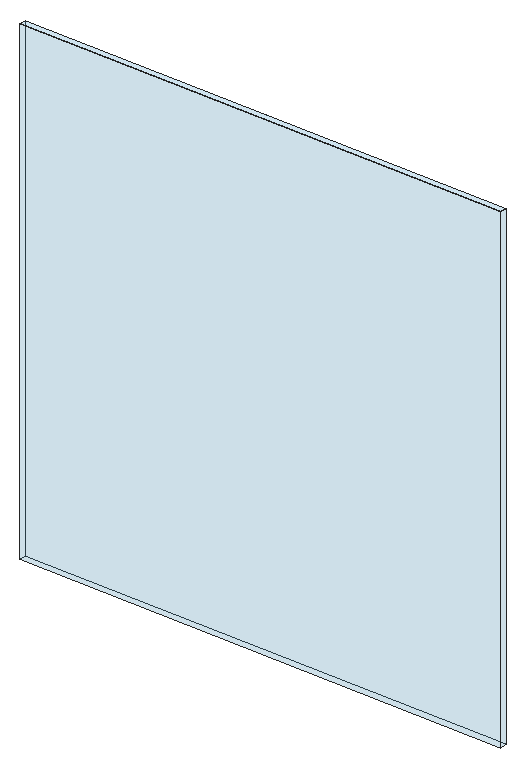
Revit family
Parameters (values of type "72" x 72"")
  Sealant = 0' - 0 3/8"
  Pocket Depth [instance] = 0' - 1"
  Head Height = Sill Height + Rough Height - Sealant  # 8' - 11 5/8"
  Depth [instance] = 0' - 10"
  Sill Height = 3' - 0"
  Rough Width = 6' - 0"
  Rough Height = 6' - 0"
  Model = "OPG3007"
  Material = ""
  Manufacturer = "Arcadia"
  Sightline = 0' - 3 3/8"
  Height = Rough Height - Sealant - Sealant  # 5' - 11 1/4"
  Wall Closure = (empty or 0)
  Width = Rough Width - Sealant - Sealant  # 5' - 11 1/4"
  Glass Thickness [instance] = 0' - 1"
  Offset to Inside Face of Glass [instance] = 0' - 8 5/16"
  Construction Type = "Aluminum"
  Center of Rough Opening [instance] = Rough Width / 2  # 3' - 0"
  Center of Glass [instance] = Glass Thickness / 2  # 0' - 0 1/2"
  Center Wall to Outside Face [instance] = 0' - 2 7/8"
  Assembly Code = ""
Reference planes (in)
  plane 1 "Center (Front/Back)": y = 0
  plane 2: z = 0
  plane 3 "Center (Left/Right)": x = 12
  plane 4 "Rough Opening Bottom": z = 36
  plane 5 "Rough Opening Top": z = 108
  plane 6 "Exterior Face": y = -2.75
  plane 7 "Frame Top": z = 104.625
  plane 8 "Frame Bottom": z = 39.375
  plane 9 "Rough Opening Left": x = -24
  plane 10 "Rough Opening Right": x = 48
  plane 11 "Frame Left": x = -20.625
  plane 12 "Frame Right": x = 44.625
  plane 13 "Exterior Glass Edge": y = -3.76356
  plane 14 "Interior Glass Edge": y = -4.76356
  plane 15 "Glass Centerline": y = -4.26356
  plane 16 "Frame Outside": y = -3.07606
  plane 17 "Frame Inside": y = -13.07606
  plane 18: z = 105.625
  plane 19: z = 38.375
  plane 20: x = 45.625
  plane 21: x = -21.625
  plane 22: x = 47.625
  plane 23: x = -23.625
  plane 24: z = 107.625
  plane 25: z = 36.375
Forms (in)
  Extrusion 1, solid, material "Anodize Arcadia AC2 Clear #11", detail levels coarse
    sketch origin (0, 0, 36) x (0, -1, 0) y (1, 0, 0)
      loop
        line (3.07606, -24) -> (13.07606, -24) -> (13.07606, -20.625) -> (4.76356, -20.625) -> (4.76356, -21.625) -> (3.76356, -21.625) -> (3.76356, -20.625) -> (3.07606, -20.625) -> (3.07606, -24)
    from 0 to 72 <- "Rough Height"
  Extrusion 2, solid, material "Anodize Arcadia AC2 Clear #11", detail levels coarse
    sketch origin (0, 0, 36) x (0, -1, 0) y (1, 0, 0)
      loop
        line (3.07606, 44.625) -> (3.76356, 44.625) -> (3.76356, 45.625) -> (4.76356, 45.625) -> (4.76356, 44.625) -> (13.07606, 44.625) -> (13.07606, 48) -> (3.07606, 48) -> (3.07606, 44.625)
    from 0 to 72 <- "Rough Height"
  Extrusion 3, solid, material "Glass"
    sketch origin (-0.5, 0, 36) x (0, -1, 0) y (1, 0, 0)
      loop
        line (3.76356, -21.125) -> (4.76356, -21.125) -> (4.76356, 46.125) -> (3.76356, 46.125) -> (3.76356, -21.125)
    from 2.375 to 69.625
  Extrusion 4, solid, material "Anodize Arcadia AC2 Clear #11", detail levels coarse
    sketch origin (-24, 0, 0) x (0, 1, 0) y (0, 0, 1)
      loop
        line (-13.07606, 108) -> (-13.07606, 104.625) -> (-4.76356, 104.625) -> (-4.76356, 105.625) -> (-3.76356, 105.625) -> (-3.76356, 104.625) -> (-3.07606, 104.625) -> (-3.07606, 108) -> (-13.07606, 108)
    from 0 to 72 <- "Rough Width"
  Extrusion 5, solid, material "Anodize Arcadia AC2 Clear #11", detail levels coarse
    sketch origin (-24, 0, 0) x (0, 1, 0) y (0, 0, 1)
      loop
        line (-3.07606, 39.375) -> (-3.76356, 39.375) -> (-3.76356, 38.375) -> (-4.76356, 38.375) -> (-4.76356, 39.375) -> (-13.07606, 39.375) -> (-13.07606, 36) -> (-3.07606, 36) -> (-3.07606, 39.375)
    from 0 to 72 <- "Rough Width"
  Extrusion 6, void
    sketch origin (0, 0, 36) x (0, -1, 0) y (1, 0, 0)
      loop
        line (2.75, -24) -> (10.75, -24) -> (10.75, 48) -> (2.75, 48) -> (2.75, -24)
    from 0 to 72 <- "Rough Height"
Lines and regions (in)
  symbolic lines, detail levels coarse
    curve 1: line (-24, -3.07606, 0) -> (-20.625, -3.07606, 0)
    curve 2: line (-20.625, -3.07606, 0) -> (-20.625, -3.76356, 0)
    curve 3: line (45.625, -3.76356, 0) -> (-21.625, -3.76356, 0)
    curve 4: line (-21.625, -3.76356, 0) -> (-21.625, -4.76356, 0)
    curve 5: line (-21.625, -4.76356, 0) -> (45.625, -4.76356, 0)
    curve 6: line (-20.625, -4.76356, 0) -> (-20.625, -13.07606, 0)
    curve 7: line (-20.625, -13.07606, 0) -> (-24, -13.07606, 0)
    curve 8: line (-24, -13.07606, 0) -> (-24, -3.07606, 0)
    curve 9: line (48, -3.07606, 0) -> (44.625, -3.07606, 0)
    curve 10: line (44.625, -3.07606, 0) -> (44.625, -3.76356, 0)
    curve 11: line (45.625, -3.76356, 0) -> (45.625, -4.76356, 0)
    curve 12: line (44.625, -4.76356, 0) -> (44.625, -13.07606, 0)
    curve 13: line (44.625, -13.07606, 0) -> (48, -13.07606, 0)
    curve 14: line (48, -13.07606, 0) -> (48, -3.07606, 0)
Text (in)
  text "EXTERIOR" at (-58.6888, 50.90694, 0), in view "Ref. Level"
  text "INTERIOR" at (-58.6888, -37.76638, 0), in view "Ref. Level"
  text "Exterior" at (0, 43.65631, 123.19604), in view "Left"
  text "Exterior" at (0, 18.29385, 125.04747), in view "Right"
Dimensions and locks (in)
  "Rough Height": plane 4 "Rough Opening Bottom" to plane 5 "Rough Opening Top"
  "Sill Height": plane 2 to plane 4 "Rough Opening Bottom"
  "Sightline": plane 7 "Frame Top" to plane 5 "Rough Opening Top"
  "Sightline": plane 4 "Rough Opening Bottom" to plane 8 "Frame Bottom"
  "Rough Width": plane 9 "Rough Opening Left" to plane 10 "Rough Opening Right"
  "Sightline": plane 9 "Rough Opening Left" to plane 11 "Frame Left"
  "Sightline": plane 12 "Frame Right" to plane 10 "Rough Opening Right"
  "Depth": plane 17 "Frame Inside" to plane 16 "Frame Outside"
  "Glass Thickness": plane 13 "Exterior Glass Edge" to plane 14 "Interior Glass Edge"
  "Center of Glass": plane 15 "Glass Centerline" to plane 14 "Interior Glass Edge"
  "Center of Rough Opening": plane 9 "Rough Opening Left" to plane 3 "Center (Left/Right)"
  "Offset to Inside Face of Glass": plane 17 "Frame Inside" to plane 14 "Interior Glass Edge"
  "Pocket Depth": plane 12 "Frame Right" to plane 20
  "Pocket Depth": plane 21 to plane 11 "Frame Left"
  "Pocket Depth": plane 7 "Frame Top" to plane 18
  "Pocket Depth": plane 19 to plane 8 "Frame Bottom"
  "Sealant": plane 22 to plane 10 "Rough Opening Right"
  "Sealant": plane 9 "Rough Opening Left" to plane 23
  "Sealant": plane 4 "Rough Opening Bottom" to plane 25
  "Sealant": plane 24 to plane 5 "Rough Opening Top"
  aligned and locked: plane 6 "Exterior Face" to host wall
  aligned and locked: Extrusion 1 sketch curve to plane 17 "Frame Inside"
  aligned and locked: plane 16 "Frame Outside" to Extrusion 1 sketch curve
  aligned and locked: Extrusion 1 sketch curve to plane 11 "Frame Left"
  aligned and locked: plane 9 "Rough Opening Left" to Extrusion 1 sketch curve
  aligned and locked: plane 12 "Frame Right" to Extrusion 2 sketch curve
  aligned and locked: Extrusion 2 sketch curve to plane 10 "Rough Opening Right"
  aligned and locked: Extrusion 2 sketch curve to plane 17 "Frame Inside"
  aligned and locked: plane 16 "Frame Outside" to Extrusion 2 sketch curve
  aligned and locked: Extrusion 3 sketch curve to plane 13 "Exterior Glass Edge"
  aligned and locked: plane 14 "Interior Glass Edge" to Extrusion 3 sketch curve
  aligned and locked: plane 5 "Rough Opening Top" to Extrusion 4 sketch curve
  aligned and locked: Extrusion 4 sketch curve to plane 7 "Frame Top"
  aligned and locked: Extrusion 4 sketch curve to plane 17 "Frame Inside"
  aligned and locked: plane 16 "Frame Outside" to Extrusion 4 sketch curve
  aligned and locked: Extrusion 5 sketch curve to plane 4 "Rough Opening Bottom"
  aligned and locked: plane 8 "Frame Bottom" to Extrusion 5 sketch curve
  aligned and locked: Extrusion 5 sketch curve to plane 17 "Frame Inside"
  aligned and locked: plane 16 "Frame Outside" to Extrusion 5 sketch curve
  aligned and locked: plane 4 "Rough Opening Bottom" to nested 3
  aligned and locked: nested 2 to plane 5 "Rough Opening Top"
  aligned and locked: plane 19 to Extrusion 3
  aligned and locked: Extrusion 3 to plane 18
  aligned and locked: plane 17 "Frame Inside" to nested 3
  aligned and locked: nested 1 to plane 16 "Frame Outside"
  aligned and locked: plane 10 "Rough Opening Right" to nested 1
  aligned and locked: nested 4 to plane 9 "Rough Opening Left"
  aligned and locked: plane 17 "Frame Inside" to nested 4
  aligned and locked: plane 13 "Exterior Glass Edge" to Extrusion 5 sketch curve
  aligned and locked: Extrusion 5 sketch curve to plane 14 "Interior Glass Edge"
  aligned and locked: plane 19 to Extrusion 5 sketch curve
  aligned and locked: Extrusion 4 sketch curve to plane 13 "Exterior Glass Edge"
  aligned and locked: plane 18 to Extrusion 4 sketch curve
  aligned and locked: plane 14 "Interior Glass Edge" to Extrusion 4 sketch curve
  aligned and locked: plane 14 "Interior Glass Edge" to Extrusion 2 sketch curve
  aligned and locked: Extrusion 2 sketch curve to plane 20
  aligned and locked: Extrusion 2 sketch curve to plane 13 "Exterior Glass Edge"
  aligned and locked: Extrusion 1 sketch curve to plane 14 "Interior Glass Edge"
  aligned and locked: Extrusion 1 sketch curve to plane 21
  aligned and locked: plane 13 "Exterior Glass Edge" to Extrusion 1 sketch curve
  aligned and locked: plane 16 "Frame Outside" to curve 1
  aligned and locked: plane 9 "Rough Opening Left" to curve 8
  aligned and locked: curve 2 to plane 11 "Frame Left"
  aligned and locked: curve 6 to plane 11 "Frame Left"
  aligned and locked: curve 4 to plane 21
  aligned and locked: curve 7 to plane 17 "Frame Inside"
  aligned and locked: curve 5 to plane 14 "Interior Glass Edge"
  aligned and locked: plane 13 "Exterior Glass Edge" to curve 3
  aligned and locked: curve 10 to plane 12 "Frame Right"
  aligned and locked: curve 12 to plane 12 "Frame Right"
  aligned and locked: curve 11 to plane 20
  aligned and locked: plane 10 "Rough Opening Right" to curve 14
  aligned and locked: curve 9 to plane 16 "Frame Outside"
  aligned and locked: plane 17 "Frame Inside" to curve 13
  aligned and locked: nested 2 to plane 16 "Frame Outside"
  aligned and locked: level to plane 2
  aligned and locked: plane 9 "Rough Opening Left" to Extrusion 6 sketch curve
  aligned and locked: plane 6 "Exterior Face" to Extrusion 6 sketch curve
  aligned and locked: host wall to Extrusion 6 sketch curve
  aligned and locked: plane 10 "Rough Opening Right" to Extrusion 6 sketch curve
  aligned and locked: plane 10 "Rough Opening Right" to import instance
  aligned and locked: plane 16 "Frame Outside" to import instance  (x2)
  aligned and locked: plane 5 "Rough Opening Top" to import instance
  aligned and locked: import instance to plane 16 "Frame Outside"  (x2)
  aligned and locked: import instance to plane 4 "Rough Opening Bottom"
  aligned and locked: import instance to plane 9 "Rough Opening Left"
Automatic sketch dimensions
  Extrusion 3 sketch curve to plane 21 = 0' - 0"
  Extrusion 3 sketch curve to plane 20 = 0' - 0"
  Extrusion 5 sketch curve to plane 8 "Frame Bottom" = 0' - 0"
  Extrusion 4 sketch curve to plane 7 "Frame Top" = 0' - 0"
  Extrusion 2 sketch curve to plane 12 "Frame Right" = 0' - 0"
  Extrusion 1 sketch curve to plane 11 "Frame Left" = 0' - 0"
Nested families (in)
  nested 1: "Window-Arcadia-T500B-OPG3010-Med-Jamb-R" at (46.9375, -4.26356, 0) x (-1, 0, 0) z (0, 0, 1), type "Window-Arcadia-T500B-OPG3010-Med-Jamb-R", detail levels medium
    with Sightline 0' - 3 3/8", Pocket Depth 0' - 1", Offset to Inside Face of Glass 0' - 8 5/16", Glass Width 0' - 1", Frame Wall Thickness 0' - 0 3/32", Depth 0' - 10", Center of Glass 0' - 0 1/2"
  nested 2: "Window-Arcadia-T500B-OPG3010-Med-Head" at (33.875, -4.26356, 108) x (0, -1, 0) z (1, 0, 0), type "Window-Arcadia-T500B-OPG3010-Med-Head", detail levels medium
    with Sightline 0' - 3 3/8", Pocket Depth 0' - 1", Offset to Inside Face of Glass 0' - 8 5/16", Glass Width 0' - 1", Frame Wall Thickness 0' - 0 3/32", Depth 0' - 10", Center of Glass 0' - 0 1/2"
  nested 3: "Window-Arcadia-T500B-OPG3010-Med-Sill" at (33.875, -4.26356, 36) x (0, -1, 0) z (1, 0, 0), type "Window-Arcadia-T500B-OPG3010-Med-Sill", detail levels medium
    with Sightline 0' - 3 3/8", Pocket Depth 0' - 1", Offset to Inside Face of Glass 0' - 8 5/16", Glass Width 0' - 1", Frame Wall Thickness 0' - 0 3/32", Depth 0' - 10", Center of Glass 0' - 0 1/2"
  nested 4: "Window-Arcadia-T500B-OPG3010-Med-Jamb-L" at (-22.9375, -4.26356, 0) x (-1, 0, 0) z (0, 0, 1), type "Window-Arcadia-T500B-OPG3010-Med-Jamb-L", detail levels medium
    with Sightline 0' - 3 3/8", Pocket Depth 0' - 1", Offset to Inside Face of Glass 0' - 8 5/16", Glass Width 0' - 1", Frame Wall Thickness 0' - 0 3/32", Depth 0' - 10", Center of Glass 0' - 0 1/2"
Definition of nested family "Window-Arcadia-T500B-OPG3010-Med-Jamb-R"
  Parameters (values of type "Window-Arcadia-TC670-Med-Jamb-R")
    Depth [instance] = 0' - 6"
    Pocket Depth [instance] = 0' - 0 3/4"
    Offset to Inside Face of Glass [instance] = 0' - 4"
    Glass Width [instance] = 0' - 1"
    Sightline [instance] = 0' - 2 5/8"
    Center of Glass [instance] = Glass Width / 2  # 0' - 0 1/2"
    Frame Wall Thickness [instance] = 0' - 0 3/32"
    Assembly Code = ""
  Reference planes (in)
    plane 1 "Center (Front/Back)": y = 0
    plane 2: z = 0
    plane 3: x = 1.5625
    plane 4 "back": x = -1.0625
    plane 5: y = 4.5
    plane 6: y = -1.5
    plane 7 "Inside Face of Glass": y = 0.5
    plane 8: y = -0.5
    plane 9: x = 0.8125
  Lines and regions (in)
    detail lines, in view "Ref. Level", detail levels medium
      curve 1: line (-1.0625, 4.5, 0) -> (-1.0625, -1.5, 0)
      curve 2: line (-1.0625, -1.5, 0) -> (1.5625, -1.5, 0)
      curve 3: line (1.5625, -1.5, 0) -> (1.5625, -0.5, 0)
      curve 4: line (1.5625, -0.5, 0) -> (0.8125, -0.5, 0)
      curve 5: line (0.8125, -0.5, 0) -> (0.8125, 0.5, 0)
      curve 6: line (0.8125, 0.5, 0) -> (1.5625, 0.5, 0)
      curve 7: line (1.5625, 0.5, 0) -> (1.5625, 4.5, 0)
      curve 8: line (1.5625, 4.5, 0) -> (-1.0625, 4.5, 0)
      curve 9: line (1.46875, 4.40625, 0) -> (-0.96875, 4.40625, 0)
      curve 10: line (-0.96875, 4.40625, 0) -> (-0.96875, -1.40625, 0)
      curve 11: line (-0.96875, -1.40625, 0) -> (1.46875, -1.40625, 0)
      curve 12: line (1.46875, -1.40625, 0) -> (1.46875, -0.59375, 0)
      curve 13: line (1.46875, -0.59375, 0) -> (0.71875, -0.59375, 0)
      curve 14: line (0.71875, -0.59375, 0) -> (0.71875, 0.59375, 0)
      curve 15: line (0.71875, 0.59375, 0) -> (1.46875, 0.59375, 0)
      curve 16: line (1.46875, 0.59375, 0) -> (1.46875, 4.40625, 0)
      curve 17: line (1.5625, 4.5, 0) -> (-1.0625, 4.5, 0)
      curve 18: line (-1.0625, 4.40625, 0) -> (-1.0625, -1.5, 0)
  Dimensions and locks (in)
    "Sightline": plane 4 "back" to plane 3
    "Depth": plane 5 to plane 6
    "Center of Glass": plane 1 "Center (Front/Back)" to plane 7 "Inside Face of Glass"
    "Glass Width": plane 8 to plane 7 "Inside Face of Glass"
    "Pocket Depth": plane 9 to plane 3
    "Offset to Inside Face of Glass": plane 5 to plane 7 "Inside Face of Glass"
    "Frame Wall Thickness": plane 5 to curve 9
    "Frame Wall Thickness": plane 4 "back" to curve 10
    "Frame Wall Thickness": curve 11 to plane 6
    "Frame Wall Thickness": curve 12 to plane 3
    "Frame Wall Thickness": curve 13 to plane 8
    "Frame Wall Thickness": plane 7 "Inside Face of Glass" to curve 15
    "Frame Wall Thickness": curve 14 to plane 9
    "Frame Wall Thickness": curve 16 to plane 3
    aligned and locked: plane 5 to curve 8
    aligned and locked: curve 1 to plane 4 "back"
    aligned and locked: curve 2 to plane 6
    aligned and locked: plane 3 to curve 3
    aligned and locked: curve 4 to plane 8
    aligned and locked: plane 9 to curve 5
    aligned and locked: plane 7 "Inside Face of Glass" to curve 6
    aligned and locked: plane 3 to curve 7
  Automatic sketch dimensions
    curve 18 to curve 9 = 0' - 0"
Definition of nested family "Window-Arcadia-T500B-OPG3010-Med-Head"
  Parameters (values of type "Window-Arcadia-A400-Med-Head")
    Depth [instance] = 0' - 6"
    Pocket Depth [instance] = 0' - 0 1/2"
    Offset to Inside Face of Glass [instance] = 0' - 4"
    Glass Width [instance] = 0' - 1"
    Sightline [instance] = 0' - 2 5/8"
    Center of Glass [instance] = Glass Width / 2  # 0' - 0 1/2"
    Frame Wall Thickness [instance] = 0' - 0 3/32"
    Assembly Code = ""
  Reference planes (in)
    plane 1 "Center (Front/Back)": y = 0
    plane 2: z = 0
    plane 3 "Center (Left/Right)": x = 0
    plane 4: x = -0.5
    plane 5 "Inside Face of Glass": x = 0.5
    plane 6: y = -2.625
    plane 7: x = 4.5
    plane 8: x = -1.5
    plane 9: y = -2.125
  Lines and regions (in)
    detail lines, in view "Ref. Level", detail levels medium
      curve 1: line (-1.5, 0, 0) -> (-1.5, -2.625, 0)
      curve 2: line (-1.5, -2.625, 0) -> (-0.5, -2.625, 0)
      curve 3: line (-0.5, -2.625, 0) -> (-0.5, -2.125, 0)
      curve 4: line (-0.5, -2.125, 0) -> (0.5, -2.125, 0)
      curve 5: line (0.5, -2.125, 0) -> (0.5, -2.625, 0)
      curve 6: line (0.5, -2.625, 0) -> (4.5, -2.625, 0)
      curve 7: line (4.5, -2.625, 0) -> (4.5, 0, 0)
      curve 8: line (4.5, 0, 0) -> (-1.5, 0, 0)
      curve 9: line (-1.40625, -0.09375, 0) -> (-1.40625, -2.53125, 0)
      curve 10: line (4.40625, -0.09375, 0) -> (-1.40625, -0.09375, 0)
      curve 11: line (4.40625, -2.53125, 0) -> (4.40625, -0.09375, 0)
      curve 12: line (0.59375, -2.53125, 0) -> (4.40625, -2.53125, 0)
      curve 13: line (-1.40625, -2.53125, 0) -> (-0.59375, -2.53125, 0)
      curve 14: line (-0.59375, -2.53125, 0) -> (-0.59375, -2.03125, 0)
      curve 15: line (-0.59375, -2.03125, 0) -> (0.59375, -2.03125, 0)
      curve 16: line (0.59375, -2.03125, 0) -> (0.59375, -2.53125, 0)
  Dimensions and locks (in)
    "Sightline": plane 6 to plane 1 "Center (Front/Back)"
    "Depth": plane 8 to plane 7
    "Pocket Depth": plane 6 to plane 9
    "Offset to Inside Face of Glass": plane 5 "Inside Face of Glass" to plane 7
    "Glass Width": plane 4 to plane 5 "Inside Face of Glass"
    "Center of Glass": plane 3 "Center (Left/Right)" to plane 5 "Inside Face of Glass"
    "Frame Wall Thickness": plane 8 to curve 9
    "Frame Wall Thickness": curve 10 to plane 1 "Center (Front/Back)"
    "Frame Wall Thickness": curve 11 to plane 7
    "Frame Wall Thickness": plane 6 to curve 12
    "Frame Wall Thickness": plane 6 to curve 13
    "Frame Wall Thickness": plane 9 to curve 15
    "Frame Wall Thickness": plane 5 "Inside Face of Glass" to curve 16
    "Frame Wall Thickness": curve 14 to plane 4
    aligned and locked: curve 8 to plane 1 "Center (Front/Back)"
    aligned and locked: plane 7 to curve 7
    aligned and locked: curve 1 to plane 8
    aligned and locked: plane 9 to curve 4
    aligned and locked: plane 4 to curve 3
    aligned and locked: plane 6 to curve 2
    aligned and locked: plane 6 to curve 6
  Automatic sketch dimensions
    curve 5 to plane 5 "Inside Face of Glass" = 0' - 0"
Definition of nested family "Window-Arcadia-T500B-OPG3010-Med-Sill"
  Parameters (values of type "Window-Arcadia-A400-Med-Sill")
    Depth [instance] = 0' - 6"
    Pocket Depth [instance] = 0' - 0 1/2"
    Offset to Inside Face of Glass [instance] = 0' - 4"
    Glass Width [instance] = 0' - 1"
    Sightline [instance] = 0' - 2 5/8"
    Center of Glass [instance] = Glass Width / 2  # 0' - 0 1/2"
    Frame Wall Thickness [instance] = 0' - 0 3/32"
    Assembly Code = ""
  Reference planes (in)
    plane 1 "Center (Front/Back)": y = 0
    plane 2: z = 0
    plane 3 "Center (Left/Right)": x = 0
    plane 4: x = -0.5
    plane 5 "Inside Face of Glass": x = 0.5
    plane 6: y = 2.625
    plane 7: x = 4.5
    plane 8: x = -1.5
    plane 9: y = 2.125
  Lines and regions (in)
    detail lines, in view "Ref. Level", detail levels medium
      curve 1: line (-1.5, 2.625, 0) -> (-1.5, 0, 0)
      curve 2: line (-1.5, 0, 0) -> (4.5, 0, 0)
      curve 3: line (4.5, 0, 0) -> (4.5, 2.625, 0)
      curve 4: line (4.5, 2.625, 0) -> (0.5, 2.625, 0)
      curve 5: line (0.5, 2.625, 0) -> (0.5, 2.125, 0)
      curve 6: line (0.5, 2.125, 0) -> (-0.5, 2.125, 0)
      curve 7: line (-0.5, 2.125, 0) -> (-0.5, 2.625, 0)
      curve 8: line (-0.5, 2.625, 0) -> (-1.5, 2.625, 0)
      curve 9: line (-0.59375, 2.53125, 0) -> (-1.40625, 2.53125, 0)
      curve 10: line (-1.40625, 2.53125, 0) -> (-1.40625, 0.09375, 0)
      curve 11: line (-1.40625, 0.09375, 0) -> (4.40625, 0.09375, 0)
      curve 12: line (4.40625, 0.09375, 0) -> (4.40625, 2.53125, 0)
      curve 13: line (4.40625, 2.53125, 0) -> (0.59375, 2.53125, 0)
      curve 14: line (0.59375, 2.53125, 0) -> (0.59375, 2.03125, 0)
      curve 15: line (0.59375, 2.03125, 0) -> (-0.59375, 2.03125, 0)
      curve 16: line (-0.59375, 2.03125, 0) -> (-0.59375, 2.53125, 0)
  Dimensions and locks (in)
    "Pocket Depth": plane 9 to plane 6
    "Sightline": plane 1 "Center (Front/Back)" to plane 6
    "Depth": plane 8 to plane 7
    "Offset to Inside Face of Glass": plane 5 "Inside Face of Glass" to plane 7
    "Glass Width": plane 4 to plane 5 "Inside Face of Glass"
    "Center of Glass": plane 3 "Center (Left/Right)" to plane 5 "Inside Face of Glass"
    "Frame Wall Thickness": curve 9 to plane 6
    "Frame Wall Thickness": plane 8 to curve 10
    "Frame Wall Thickness": plane 1 "Center (Front/Back)" to curve 11
    "Frame Wall Thickness": curve 12 to plane 7
    "Frame Wall Thickness": curve 13 to plane 6
    "Frame Wall Thickness": plane 5 "Inside Face of Glass" to curve 14
    "Frame Wall Thickness": curve 15 to plane 9
    "Frame Wall Thickness": curve 16 to plane 4
    aligned and locked: plane 1 "Center (Front/Back)" to curve 2
    aligned and locked: plane 7 to curve 3
    aligned and locked: curve 1 to plane 8
    aligned and locked: curve 8 to plane 6
    aligned and locked: curve 4 to plane 6
    aligned and locked: curve 6 to plane 9
    aligned and locked: curve 5 to plane 5 "Inside Face of Glass"
    aligned and locked: plane 4 to curve 7
  Automatic sketch dimensions
    curve 7 to plane 9 = 0' - 0"
Definition of nested family "Window-Arcadia-T500B-OPG3010-Med-Jamb-L"
  Parameters (values of type "Window-Arcadia-TC670-Med-Jamb-L")
    Depth [instance] = 0' - 6"
    Pocket Depth [instance] = 0' - 0 1/2"
    Offset to Inside Face of Glass [instance] = 0' - 4"
    Glass Width [instance] = 0' - 1"
    Sightline [instance] = 0' - 2 1/8"
    Center of Glass [instance] = Glass Width / 2  # 0' - 0 1/2"
    Frame Wall Thickness [instance] = 0' - 0 3/32"
    Assembly Code = ""
  Reference planes (in)
    plane 1 "Center (Front/Back)": y = 0
    plane 2: z = 0
    plane 3 "BACK": x = 1.0625
    plane 4 "FRONT": x = -1.0625
    plane 5: y = 1.5
    plane 6: y = -4.5
    plane 7 "Inside Face of Glass": y = 0.5
    plane 8: y = -0.5
    plane 9: x = -0.5625
  Lines and regions (in)
    detail lines, in view "Ref. Level", detail levels medium
      curve 1: line (1.0625, 1.5, 0) -> (1.0625, -4.5, 0)
      curve 2: line (1.0625, -4.5, 0) -> (-1.0625, -4.5, 0)
      curve 3: line (-1.0625, -4.5, 0) -> (-1.0625, -0.5, 0)
      curve 4: line (-1.0625, -0.5, 0) -> (-0.5625, -0.5, 0)
      curve 5: line (-0.5625, -0.5, 0) -> (-0.5625, 0.5, 0)
      curve 6: line (-0.5625, 0.5, 0) -> (-1.0625, 0.5, 0)
      curve 7: line (-1.0625, 0.5, 0) -> (-1.0625, 1.5, 0)
      curve 8: line (-1.0625, 1.5, 0) -> (1.0625, 1.5, 0)
      curve 9: line (-0.96875, 1.40625, 0) -> (0.96875, 1.40625, 0)
      curve 10: line (-0.96875, 0.59375, 0) -> (-0.96875, 1.40625, 0)
      curve 11: line (-0.46875, 0.59375, 0) -> (-0.96875, 0.59375, 0)
      curve 12: line (-0.46875, -0.59375, 0) -> (-0.46875, 0.59375, 0)
      curve 13: line (-0.96875, -0.59375, 0) -> (-0.46875, -0.59375, 0)
      curve 14: line (-0.96875, -4.40625, 0) -> (-0.96875, -0.59375, 0)
      curve 15: line (0.96875, -4.40625, 0) -> (-0.96875, -4.40625, 0)
      curve 16: line (0.96875, 1.40625, 0) -> (0.96875, -4.40625, 0)
  Dimensions and locks (in)
    "Depth": plane 5 to plane 6
    "Pocket Depth": plane 4 "FRONT" to plane 9
    "Sightline": plane 4 "FRONT" to plane 3 "BACK"
    "Glass Width": plane 8 to plane 7 "Inside Face of Glass"
    "Center of Glass": plane 1 "Center (Front/Back)" to plane 7 "Inside Face of Glass"
    "Frame Wall Thickness": plane 4 "FRONT" to curve 10
    "Frame Wall Thickness": plane 5 to curve 9
    "Frame Wall Thickness": curve 15 to plane 6
    "Frame Wall Thickness": curve 13 to plane 8
    "Frame Wall Thickness": plane 9 to curve 12
    "Frame Wall Thickness": plane 7 "Inside Face of Glass" to curve 11
    "Frame Wall Thickness": plane 4 "FRONT" to curve 14
    "Offset to Inside Face of Glass": plane 6 to plane 8
    aligned and locked: curve 8 to plane 5
    aligned and locked: curve 1 to plane 3 "BACK"
    aligned and locked: plane 6 to curve 2
    aligned and locked: curve 3 to plane 4 "FRONT"
    aligned and locked: plane 8 to curve 4
    aligned and locked: plane 9 to curve 5
    aligned and locked: curve 6 to plane 7 "Inside Face of Glass"
    aligned and locked: plane 4 "FRONT" to curve 7
  Automatic sketch dimensions
    curve 16 to plane 3 "BACK" = 0' - 0 3/32"
